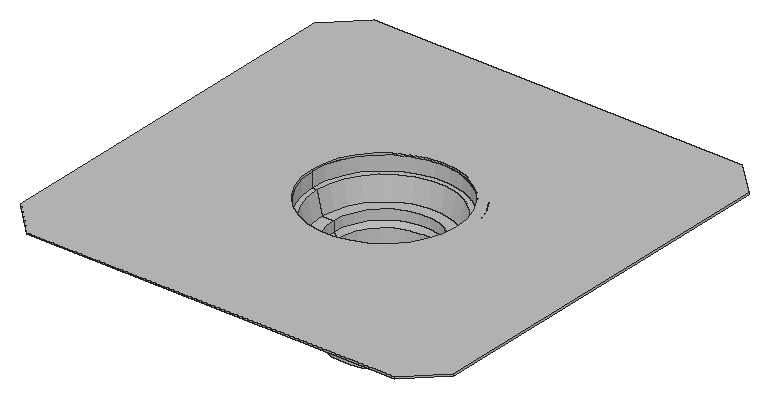
Revit family "482087001(1)", category Generic Models, host Floor, Revit 2019
Family settings
  Host = Floor
  Can host rebar = No
  Always vertical = Yes
  Cut with Voids When Loaded = No
  Shared = Yes
  Room Calculation Point = No
Parameters (values of type "482087001")
  SUPPLIER = "KOERO"
  NT = "Balcony transit and drain wastes"
  NN = "PLUVETTA®MET LODEN SLAB"
  NBSYN = "$CNSORDERNO.($LODLEVEL.)"
  NB = "482087001(1)"
  Model = "482087001"
  Manufacturer = "KOERO"
  MIdent = "{$CADENAS_DATA/23d-libs/koero/pluvetta/pluvetta_met_loden_slab.prj},194 {VTYP=3D},{NB=482087001(1)},{LINA=482087001},{NN=PLUVETTA®MET LODEN SLAB},{DATE=23.04.2020 08:29:08},{GEOMDATE=22.04.2020 12:13:00},{VERSION=},{LINEID=90},{WBVAR=LODLEVEL},{WBNUMERIC=LODLEVEL}  {NB=482087001(1)},{LINA=482087001},{KT=DUMMY},{CNSORDERNO=482087001},{LODLEVEL=1},{BEZ=Zonder rooster, met loodslap 33 x 33cm, 18 ponds (=ca. 1,6 mm dik), Stortkoker Ø 90 mm},{D=125},{D1=111},{D2=0},{H=0},{H1=95},{INFO=PDF Catalog},{HTML=Product page},{INFOPAGE=pluvetta_90},{INFOPATH=pluvetta_90_nl.pdf},{HTML1=https://debeer-sanitair.nl/maattekeningen/pluvetta/},{S=80.0},{VER=1},{X=3},{H2=11}"
  LODLEVEL = "300"
  LINA = "482087001"
  INFO = "PDF Catalog"
  HTML = "Product page"
  H1 = 95 mm
  H = 0 mm
  Description = "Balcony transit and drain wastes"
  D2 = 0 mm
  D1 = 111 mm
  D = 125 mm
  CREATOR = "CADENAS GmbH"
  CNSORDERNO = "482087001"
  CATALOG = "König & Ronneberger"
  BOMINFO = "LINA"
  BEZ = "Zonder rooster, met loodslap 33 x 33cm, 18 ponds (=ca. 1,6 mm dik), Stortkoker Ø 90 mm"
  ARTICLENO = "NB"
Reference planes
  plane 1 "Center (Front/Back)": y = 0
  plane 2: z = 0
  plane 3 "Center (Left/Right)": x = 0
Forms (mm)
  Extrusion 1, void
    sketch origin (0, 0, -95) x (-1, 0, 0) y (0, -1, 0)
      loop
        line (-0.5, -0.5) -> (0.5, -0.5) -> (0.5, 0.5) -> (-0.5, 0.5) -> (-0.5, -0.5)
    from 0 to 1
  Extrusion 2, void
    sketch origin (-81.489, 0, -85.924) x (0.017452, 0, -0.999848) y (0, 1, 0)
      loop
        line (-0.5, -0.5) -> (0.5, -0.5) -> (0.5, 0.5) -> (-0.5, 0.5) -> (-0.5, -0.5)
    from 0 to 1
Dimensions and locks
  locked: Extrusion 1 to plane 2 at 94
  locked: Extrusion 1 to plane 2 at 95
  aligned and locked: level to plane 2
Nested families
  nested 1: "482087001(1)_content" at (0, 0, 0), type "482087001(1)_Content"
Connectors
  hvac at (0, 0, 0)
    settings: on host floor, index 1, duct flow 0.0 L/s, flow factor 0, pres drop 0.0 Pa, loss coef 0, conn angle 0.00°, conn width 304.8 mm, conn height 304.8 mm, conn diameter 111 mm, duct sys type 29, conn prof type 0, flow config 0, flow direction 1, loss method 0, conn ref index -1, conn util no, is conn primary yes, conn desc ""
  hvac at (0, 0, -95)
    settings: on Extrusion 1, index 2, duct flow 0.0 L/s, flow factor 0, pres drop 0.0 Pa, loss coef 0, conn angle 0.00°, conn width 304.8 mm, conn height 304.8 mm, conn diameter 80 mm, duct sys type 29, conn prof type 0, flow config 0, flow direction 2, loss method 0, conn ref index -1, conn util no, is conn primary no, conn desc ""
  hvac at (-81.489, 0, -85.924)
    settings: on Extrusion 2, index 3, duct flow 0.0 L/s, flow factor 0, pres drop 0.0 Pa, loss coef 0, conn angle 0.00°, conn width 304.8 mm, conn height 304.8 mm, conn diameter 0 mm, duct sys type 29, conn prof type 0, flow config 0, flow direction 2, loss method 0, conn ref index -1, conn util no, is conn primary no, conn desc ""
Definition of nested family "482087001(1)_content"
  Parameters (values of type "482087001(1)_Content")
    SUPPLIER = "KOERO"
    NT = "Balcony transit and drain wastes"
    NN = "PLUVETTA®MET LODEN SLAB"
    NBSYN = "$CNSORDERNO.($LODLEVEL.)"
    NB = "482087001(1)"
    Model = "482087001"
    Manufacturer = "KOERO"
    LODLEVEL = "300"
    LINA = "482087001"
    INFO = "PDF Catalog"
    HTML = "Product page"
    H1 = 95 mm
    H = 0 mm
    Description = "Balcony transit and drain wastes"
    Default Elevation = 1219.2 mm
    D2 = 0 mm
    D1 = 111 mm
    D = 125 mm
    CREATOR = "CADENAS GmbH"
    CNSORDERNO = "482087001"
    CATALOG = "König & Ronneberger"
    BOMINFO = "LINA"
    BEZ = "Zonder rooster, met loodslap 33 x 33cm, 18 ponds (=ca. 1,6 mm dik), Stortkoker Ø 90 mm"
    ARTICLENO = "NB"
  Reference planes
    plane 1 "Center (Front/Back)": y = 0
    plane 2: z = 0
    plane 3 "Center (Left/Right)": x = 0
  Forms (mm)
    Revolve 1, solid, detail levels medium+fine
      sketch origin (0, 0, 0) x (-1, 0, 0) y (0, 0, -1)
        loop
          line (-62.5, 6) -> (-62.5, 0) -> (-55.5, 0) -> (-55.5, 11) -> (-51.5, 11) -> (-47.498, 27.523) -> (-38.498, 27.523) -> (-38.498, 35) -> (-36.141, 39) -> (-34.141, 95) -> (-37.143, 95) -> (-39.143, 39) -> (-43.143, 36) -> (-43.143, 30) -> (-52.998, 30) -> (-52.998, 28) -> (-51.065, 25.539) -> (-53.653, 14.848) -> (-62.498, 13.184) -> (-62.498, 11.184) -> (-58.25, 9) -> (-58.25, 6) -> (-62.5, 6)
        axis (0, 95) -> (0, 0)
      angle from -360 to 0
    Extrusion 2, solid, detail levels medium+fine
      sketch origin (0, 0, 0) x (-1, 0, 0) y (0, -1, 0)
        loop
          line (-165, -140.251) -> (-140.251, -165) -> (140.251, -165) -> (165, -140.251) -> (165, 140.251) -> (140.251, 165) -> (-140.251, 165) -> (-165, 140.251) -> (-165, -140.251)
        loop
          circle (0, 0) r 55.5
      from 0 to 5
    Extrusion 3, void, detail levels medium+fine
      sketch origin (0, 0, 0) x (-1, 0, 0) y (0, 0, -1)
        loop
          line (-170, -11.3) -> (170, -11.3) -> (170, -1.3) -> (-170, -1.3) -> (-170, -11.3)
      from -170 to 170
    Extrusion 4, solid, detail levels coarse
      sketch origin (0, 0, -95) x (1, 0, 0) y (0, 1, 0)
        loop
          line (-165, -165) -> (165, -165) -> (165, 165) -> (-165, 165) -> (-165, -165)
      from 0 to 96.3
  Cuts and joins
    Extrusion 3 cuts Revolve 1
    Extrusion 3 cuts Extrusion 2
  Dimensions and locks
    aligned and locked: level to plane 2
